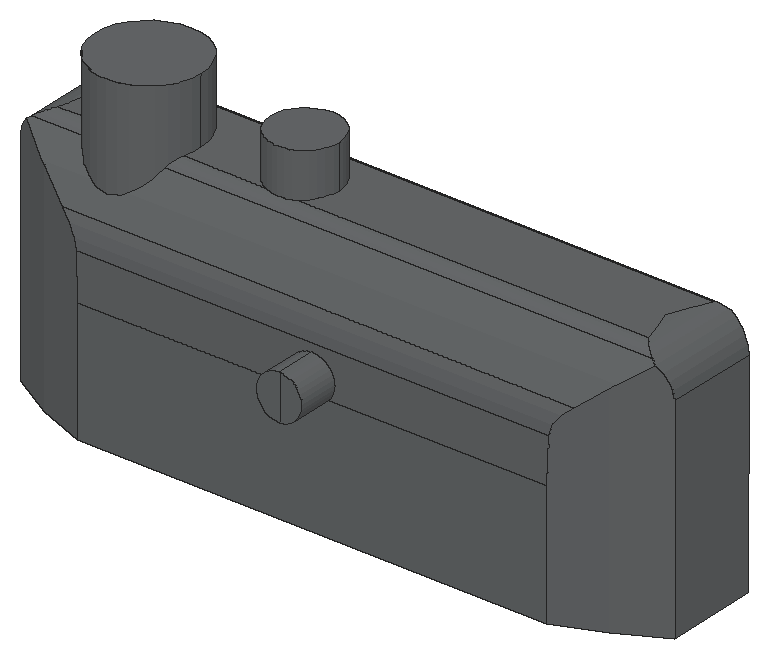
Revit family "Grohe_ThermostaticShowerMixer_102169KF00", category Plumbing Fixtures, host Face, Revit 2020
Family settings
  Host = Face
  Round Connector Dimension = Use Diameter
  Part Type = Normal
  OmniClass Number = 23.45.05.00
  OmniClass Title = Sanitary Equipment
  Cut with Voids When Loaded = No
  Shared = No
  Room Calculation Point = No
Parameters (values of type "Thermostatic Shower Mixer (102169KF00)")
  _ObjectUserGuide = "https://www.bimstore.co/products/grohe-102169kf00/document/object-user-guide"
  _DistributedBy = "https://www.bimstore.co/"
  _CurrentRevision = 1
  _CreatedBy = "https://www.bimstore.co/"
  _BimSpecGuid = 0
  _BSBibleVersion = 17
  _AuthorizedBy = "bimstore"
  _Author = "RL 171"
  WarrantyStartDate [instance] = "Please Record on Commissioning"
  WarrantyGuarantorParts = "info-uk@grohe.com"
  WarrantyGuarantorLabor = "info-uk@grohe.com"
  WarrantyDurationUnit = "Years"
  WarrantyDurationParts = "0"
  WarrantyDurationLabor = "0"
  WarrantyDescription = "n/a"
  URL = "https://www.grohe.co.uk/en_gb/-102169KF00.html"
  TypeName = "Thermostatic Shower Mixer"
  Type Comments = "Thermostatic Shower Mixer"
  TPIDocumentLink = "https://cdn.cloud.grohe.com/tpi/100000/100000/100000/100200/100230/100237/100237065/original/100237065.pdf"
  SustainabilityReport = "green.grohe.com/reporting"
  SustainabilityAward = "green.grohe.com/awards"
  SpareParts = "info-uk@grohe.com"
  Size = "n/a"
  Shape = "n/a"
  SerialNumber [instance] = "Please Record on Commissioning"
  ReplacementCost = "n/a"
  ReferencedStandard = "n/a"
  ProductionYear = "2023"
  ProductType = "Thermostat"
  ProductShortText = "Thermostatic shower mixer 1/2\""
  ProductNumber = "102169KF00"
  ProductDescription = "wall mounted\r\n\r\nGROHE CoolTouch no risk of scalding\r\n\r\nGROHE Long-Life finish\r\n\r\nGROHE SafeStop safety button at 38°C\r\n\r\nGROHE SafeStop Plus optional temperature limiter at 43°C included\r\n\r\nGROHE TurboStat compact cartridge with wax thermoelement\r\n\r\nGROHE ProGrip with knurl structure\r\n\r\nGROHE SmartControl push for ON-OFF, turn for volume adjustment from GROHE Water Saving to Full Flow\r\n\r\nintegrated GROHE EasyReach shower tray\r\n\r\nshower bottom outlet 1/2\"\r\n\r\nbuilt-in non return valves and dirt strainers\r\n\r\nprotected against backflow"
  PrimaryMaterial = Grohe_Black
  PQDiagramLink = "https://cdn.cloud.grohe.com/PQCharts/lores/1/102/original/102169KF00-pqchart-en_GB.svg"
  NominalLength = 0 mm
  NominalHeight = 0 mm
  NominalDepth = 0 mm
  NBSReference = "45-35-70/256"
  NBSOfficeMasterTag = "n/a"
  NBSObjectName = "Grohe - Shower fittings package"
  NBSNote = "n/a"
  NBSDescription = "Shower fittings package"
  ModelReference = "Thermostatic Shower Mixer"
  ModelNumber = "102169KF00"
  Model = "Thermostatic Shower Mixer"
  Material = "n/a"
  ManufacturerName = "Grohe"
  Manufacturer = "Grohe"
  Keynote = "N16"
  InstallationVideo = "n/a"
  InstallationDate [instance] = "Please Record on Commissioning"
  IfcExportType = "IfcPipeFittingType"
  IfcExportAs = "IfcPipeFitting"
  Grade = "n/a"
  GROHESustainability = "green.grohe.com"
  GROHESocialCommittment = "green.grohe.com/social_engagement"
  FullRecyclabilityOfPlastic = "All plastic components are fully recycable"
  Finish = "Black"
  Features = "n/a"
  ExpectedLife = 0
  Ecojoy = no
  EFSE0002 = "true"
  EFNL0001 = "true"
  EFDE0022 = "None"
  EF025109 = "Other"
  EF024919 = "false"
  EF023957 = "TRUE"
  EF023688 = "Other"
  EF023687 = "TRUE"
  EF023686 = "Other"
  EF022337 = "1/2 inch- 3/4 inch"
  EF022042 = "Z"
  EF021855 = "false"
  EF021835 = "150"
  EF021035 = "true"
  EF020967 = "true"
  EF020805 = "false"
  EF020799 = "TRUE"
  EF020791 = "Stainless steel"
  EF020788 = "false"
  EF020787 = "Group II, <=30 dB(A)"
  EF020785 = "M26 x 1.5"
  EF020781 = "Plastic cartridge"
  EF020780 = "Two-grip"
  EF020259 = "Downwards"
  EF020105 = yes
  EF016731 = "Group I,<= 20 dB(A)"
  EF014591 = "false"
  EF014578 = "true"
  EF012753 = "29.00"
  EF011779 = "TRUE"
  EF011775 = "EB"
  EF007955 = "TRUE"
  EF002671 = "Black"
  EF002286 = "Insert (push coupling)"
  EF002149 = "TRUE"
  EF000139 = "Other"
  EF000003 = "Wall"
  DurationUnit = "Years"
  DocumentationTechnical = "https://www.bimstore.co/products/grohe-102169kf00/document/technical-data-sheet"
  DocumentationMaintenance = "https://www.bimstore.co/products/grohe-102169kf00/document/maintenance-information"
  DocumentationLiterature = "https://www.bimstore.co/products/grohe-102169kf00/document/product-literature"
  DocumentationInstallationGuide = "https://www.bimstore.co/products/grohe-102169kf00/document/installation-guide"
  DocumentationCertificates = "https://www.bimstore.co/products/grohe-102169kf00/document/product-certificates"
  DimensionsDocumentLink = "https://cdn.cloud.grohe.com/dimdraw/100000/100000/100000/100000/100070/100072/100072038/1280/100072038.jpg"
  Description = "Thermostatic Shower Mixer"
  Default Elevation = 0 mm
  CreatedOn = "2023-12-05T:09:00:00"
  CreatedBy = "info-uk@grohe.com"
  CradleToCradleCertification = "n/a"
  Cost = 0
  Constituents = "n/a"
  Color = "Grohe_Black"
  CodePerformance = "n/a"
  ClassificationValue = "Pr_40_20_87_75"
  ClassificationName = "Uniclass2015"
  CO2NeutralProduction = "GROHE is one of the first leading manufacturer within the sanitary industry having a CO2-neutral production."
  BarCode [instance] = "Please Record on Commissioning"
  BIMObjectName = "Grohe_ThermostaticShowerMixer_102169KF00"
  AssetType = "Fixed"
  AssetIdentifier [instance] = "n/a"
  Assembly Code = "D2013"
  AccessibilityPerformance = "n/a"
Reference planes
  plane 1 "Center (Front/Back)": y = 0
  plane 2: z = 0
  plane 3 "Center (Left/Right)": x = 0
Forms (mm)
  Extrusion 1, solid, material "Grohe_Black" <- "PrimaryMaterial"
    sketch origin (0, -6.308, 0) x (0, 1, 0) y (0, 0, 1)
      loop
        line (30.702, 0) -> (30.702, 115.234) -> (28.947, 117.778) -> (27.703, 117.909)
        arc (27.703, 117.909) -> (9.661, 118.947) -> (-8.399, 118.278) r 191.335
        arc (-8.399, 118.278) -> (-11.988, 117.235) -> (-14.894, 114.883) r 9.469
        arc (-14.894, 114.883) -> (-22.866, 103.994) -> (-29.482, 92.231) r 112.912
        arc (-29.482, 92.231) -> (-31.844, 85.605) -> (-32.701, 78.623) r 32
        line (-32.701, 78.623) -> (-33.644, 0) -> (30.702, 0)
    from -152.633 to 152.333
  Extrusion 2, void
    sketch origin (0, -6.308, 0) x (1, 0, 0) y (0, 1, 0)
      loop
        line (-153.888, -10.905) -> (-153.888, -42.867) -> (154.346, -42.867) -> (154.346, -10.905)
        arc (154.346, -10.905) -> (132.615, -23.557) -> (109.29, -32.954) r 174.441
        arc (109.29, -32.954) -> (0.229, -33.134) -> (-108.833, -32.954) r 33146.228
        arc (-108.833, -32.954) -> (-132.157, -23.557) -> (-153.888, -10.905) r 174.441
    from 0 to 133.139
  Extrusion 3, solid, material "Grohe_Black" <- "PrimaryMaterial"
    sketch origin (0, -6.308, 0) x (1, 0, 0) y (0, 1, 0)
      loop
        circle (-102.363, 0) r 24.5
    from 95.163 to 149.221
  Extrusion 4, solid, material "Grohe_Black" <- "PrimaryMaterial"
    sketch origin (0, -0.058, 0) x (1, 0, 0) y (0, 1, 0)
      loop
        circle (-34.231, -0.328) r 16
    from 108.316 to 138.867
  Revolve 5, solid, material "Grohe_Black" <- "PrimaryMaterial"
    sketch origin (0, -6.308, 0) x (0, 1, 0) y (0, 0, 1)
      loop
        line (-51.764, 64.4) -> (-19.068, 64.4) -> (-19.068, 72.4) -> (-25.672, 72.4) -> (-25.672, 71.1) -> (-28.565, 71.1) -> (-28.565, 72.4) -> (-32.809, 72.4) -> (-32.809, 74.88) -> (-51.764, 74.88) -> (-51.764, 64.4)
      axis (-19.068, 64.4) -> (-51.764, 64.4)
    angle from 0 to 360
  Extrusion 6, void
    sketch origin (0, 0, 0) x (1, 0, 0) y (0, 0, 1)
      loop
        arc (-152.633, 98.957) -> (-146.775, 113.099) -> (-132.633, 118.957) r 20
        line (-132.633, 118.957) -> (-132.633, 127.864) -> (-163.488, 127.864) -> (-163.488, 98.957) -> (-152.633, 98.957)
    from -56.466 to 54.684
  Extrusion 7, void
    sketch origin (0, 0, 0) x (-1, 0, 0) y (0, 0, -1)
      loop
        line (-152.333, -98.957) -> (-163.189, -98.957) -> (-163.189, -127.864) -> (-132.333, -127.864) -> (-132.333, -118.957)
        arc (-132.333, -118.957) -> (-146.475, -113.099) -> (-152.333, -98.957) r 20
    from -56.466 to 54.684
Cuts and joins
  Extrusion 2, Extrusion 6, Extrusion 7 cuts Extrusion 1
  Extrusion 7 cuts Extrusion 3
  Extrusion 7 cuts Extrusion 4
  joined: Extrusion 1, Extrusion 3, Extrusion 4
Dimensions and locks
  aligned and locked: plane 2 to host face
  aligned and locked: level to host face
